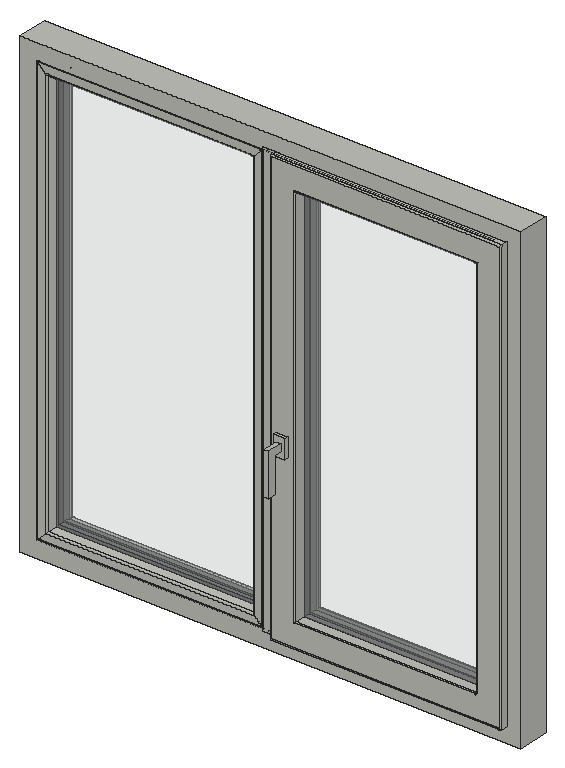
Revit family "2021_ES_Ventana_Replus_RE80-PVC-i30_11103_1H-1FL", category Ventanas, Revit 2021
Family settings
  Anfitrión = Muro
  Número OmniClass = 23.30.20.00
  Título OmniClass = Windows
  Siempre vertical = Sí
  Corte con vacíos al cargar = No
  Compartido = No
  Punto de cálculo de habitación = No
Parameters (values of type "11103")
  Ι_Wll Thcknss [instance] = 200.000 mm
  Ι_Wdth Cntrl = if(Anchura < 791.000 mm, 791.000 mm, if(Anchura > 2961.000 mm, 2961.000 mm, Anchura))  # 1300.000 mm
  Ι_Nst Cntrl [instance] = if(Retranqueo > Ι_Wll Thcknss - 80.000 mm, Ι_Wll Thcknss - 80.000 mm, if(Retranqueo = Ι_Wll Thcknss - 80.000 mm, Ι_Wll Thcknss - 80.000 mm, Retranqueo))  # 0.000 mm
  Ι_Hndl Hght Cntrl = if(Altura de Manilla < 200.000 mm, 200.000 mm, if(Altura de Manilla > Ι_Hght Cntrl - 150.000 mm, Ι_Hght Cntrl - 150.000 mm, Altura de Manilla))  # 500.000 mm
  Ι_Hght Cntrl = if(Altura < 429.000 mm, 429.000 mm, if(Altura > 2658.000 mm, 2658.000 mm, Altura))  # 1200.000 mm
  Zona = ""
  Visibilidad Líneas Apertura - Planta = yes
  Visibilidad Líneas Apertura - Alzado = yes
  Vida Util Esperada = ""
  Version Estandar GDO-BIM = "GDO-BIM V02"  # constant formula
  Version = "RVT2021"  # constant formula
  Verano de transmitancia termica = 0
  Unidad Medicion = ""
  Unidad = ""
  Uniclass2015 Titulo = ""
  Uniclass2015 Codigo = ""
  URL de Declaracion de Prestaciones = ""
  URL Producto = "https://replus.es/bim/"
  URL Perfil BIM = "https://bimetica.com/es/objeto-bim-replus-ventana-re80-pvc-i30-1-hoja-oscilobatiente-fijo-lateral-11105.html"
  URL = "https://replus.es/"
  UNSPSC Titulo = "Windows"  # constant formula
  UNSPSC Codigo = "30171600"  # constant formula
  Transmitancia termica invierno = 0
  Transmitancia solar = 0
  Transmitancia de ganancia de calor solar = 0
  Transmision de luz visible = 0
  Titular = "Regicarp, S.L."  # constant formula
  Tipo Embalaje Proteccion = ""
  Tiene antepecho interno = no
  Tiene antepecho externo = no
  Tiempo Util De Vida = ""
  Tiempo Medio Entre Fallos = ""
  Telefono Contacto = "+34 966544310"  # constant formula
  Soporte tecnico BIM = ""
  Sistema = ""
  Serie = ""
  Responsable Seguridad = ""
  Responsable Prescripcion = ""
  Responsable Compra = ""
  Residuos Peligrosos por Unidad = 0
  Residuos No Peligrosos por Unidad = 0
  Residuo Radioactivo por Unidad = 0
  Residuo Inerte por Unidad = 0
  Reflectancia solar = 0
  Reflectancia de luz visible = 0
  Referencia Unidad Funcional = ""
  Referencia Lote = ""
  Referencia Contacto Soporte Tecnico = ""
  Referencia Contacto Comercial Venta = ""
  Referencia = "RE 80/PVC/i30"
  Punto de Contacto = ""
  Proteccion con Malla = no
  Plataforma descaga contenido BIM = "www.bimetica.com"
  Periodo Garantia = ""
  Partida URL = ""
  Pais de Venta = ""
  Omniclass Titulo = "Plastic Windows"  # constant formula
  Omniclass Codigo = "23-17 13 17"  # constant formula
  Numero de Licencia = "XXXXXXXX8182 / No-aportada por bimboject AB (anterior)"  # constant formula
  Numero de Declaracion de Prestaciones = ""
  Numero Serie = ""
  Numero Articulo Global Comercial = ""
  Numero Articulo = ""
  Nivel de Riesgo = ""
  Material Envoltura = ""
  Material Contenedor = ""
  Material = PVC - Replus - 9152 - White
  Masterformat Titulo = "Plastic Windows"  # constant formula
  Masterformat Codigo = "08 53 00"  # constant formula
  Marcado CE = no
  Mantenimiento = ""
  Lugar Ensamblaje = ""
  Instrucciones Especiales = ""
  Informacion Tecnica = ""
  IfcExportType = "Oscilobatiente"
  IfcExportAs = "IfcWindow"  # constant formula
  Identificador Garantia = ""
  Historial = "(RVT2021) Actualización GDO-BIM (RVT2015) Creacion de Elemento"  # constant formula
  Gubimclass Titulo = "Ventanas de fachadas"  # constant formula
  Gubimclass Codigo = "30.10.20.10"  # constant formula
  Gas de Relleno = ""
  Garantia Extendida = no
  Fuente Datos LCA = ""
  Formacion Fotoquimica Ozono por Unidad = 0
  Fecha Vencimiento Elemento BIM = ""
  Fecha Suministro = ""
  Fecha Inicio Garantia = ""
  Fecha Fin Garantia = ""
  Fecha Evaluacion = ""
  Fecha Emision Elemento BIM = ""
  Fecha Compra = ""
  Fecha Colocacion = ""
  Fase Ciclo Vida = ""
  Falta de Recursos por Unidad = 0
  Exclusiones = ""
  Eutrofizacion por Unidad = 0
  Etiqueta Modelo = ""
  Estandar seguridad = ""
  Espesor de vidrio 3 = 0.000 mm
  Espesor de vidrio 2 = 0.000 mm
  Espesor de vidrio 1 = 0.000 mm
  Espacio libre acceso = 0.000 mm
  Espacio = ""
  Es templado = no
  Es recubierto = no
  Es laminado = no
  Es Exterior = yes
  Es Accesible = yes
  Energia consumida = 0
  Energia Renovable Consumida por Unidad = 0
  Energia Primaria Total Consumida por Unidad = 0
  Energia No Renovable Consumida por Unidad = 0
  Email Contacto = "info@replus.es"  # constant formula
  Destruccion Capa Ozono Estratosferica por Unidad = 0
  Descripcion Evaluacion = ""
  Dependiente De = ""
  Declaracion Ambiental de Producto URL = ""
  Creditos LEED = ""
  Creditos BREEAM = ""
  Coste Mantenimiento = 0
  Contenido Garantia = ""
  Contacto = ""
  Condiciones de Venta = ""
  Condiciones Evaluacion = ""
  Color de vidrio = ""
  Coeficiente de sombreado = 0
  Codigo Barras = ""
  Codigo = ""
  Clasificacion de carga de viento = ""
  Capas de vidrio = 0
  Cambio Climatico por Unidad = 0
  COBie Categoria = "IfcWindow"
  Base Precio Producto 03 = ""
  Base Precio Producto 02 = ""
  Base Precio Producto 01 = ""
  Autor = "Bimetica Parametric Design Services S.L. (actual) / bimobject AB (anterior)"  # constant formula
  Ano Produccion = ""
  Anchura aproximada = Ι_Wdth Cntrl + 2 * Hueco  # 1320.000 mm
  Altura minima requerida = 0.000 mm
  Altura aproximada = Ι_Hght Cntrl + 2 * Hueco  # 1220.000 mm
  Retranqueo [instance] = 0.000 mm
  Product Material = PVC - Replus - 9152 - White
  Modelo = "11103"
  Material secondary = "Glass"
  Material main = "PVC"
  Fabricante = "Replus"
  Nota clave = "08500"
  I_Lf_Cntrl = (Ι_Wdth Cntrl - 36.800 mm) / 2 - 33.000 mm  # 598.600 mm
  I_Glss_Wdth = (Ι_Wdth Cntrl - 36.800 mm) / 2 - 33.000 mm  # 598.600 mm
  I_Glss_Hght_Crs_2 = Ι_Hght Cntrl - 2.000 mm * 56.8  # 1086.400 mm
  I_Glss_Hght_Crs = Ι_Hght Cntrl - 2.000 mm * 100.8  # 998.400 mm
  Hueco = 10.000 mm
  Altura = 1200.000 mm
  Exceso Dimensiones = or(and(Altura < 429.000 mm, Advertencia Dimensión), and(Anchura < 791.000 mm, Advertencia Dimensión), and(Anchura > 2961.000 mm, Advertencia Dimensión), and(Altura > 2658.000 mm, Advertencia Dimensión))  # no
  Edition number = 1
  Descripción = "Perfiles de hoja oculta en PVC, mejorando sustancialmente el campo visual, con triple junta (mediante junta rigida en el marco) protegiendo de esta manera todos los puntos de cierre, aumentando la seguridad y proporcionando una junta perimetral completa, con perfilería de clasificación máxima S-II-A"
  Default Sill Height = 800.000 mm
  Cierre de muro = Por anfitrión
  Anchura = 1300.000 mm
  Código de montaje = "B2020100"
  Construcción analítica = "<None>"
  Altura de Manilla = 500.000 mm
  Agua Consumida por Unidad = 0
  Advertencia Dimensión = yes
  Acidificacion Atmosferica por Unidad = 0
  Acabado = ""
  Absorcion solar = 0
Reference planes
  plane 1 "Center (Front/Back)": y = 0
  plane 2 "Center (Left/Right)": x = 0
  plane 3 "Left": x = -660
  plane 4 "Right": x = 660
  plane 5 "Sill": z = 800
  plane 6 "Head": z = 2020
  plane 7 "Exterior": y = 100
  plane 8 "Interior": y = -100
  plane 9: x = -650
  plane 10: x = 650
  plane 11: z = 2010
  plane 12: z = 810
  plane 13 "Inset": y = -20
  plane 14: x = -613.2
  plane 15: x = 613.2
  plane 16: z = 1973.2
  plane 17: z = 1410
  plane 18: y = -51.5
  plane 19: z = 1950.389
  plane 20: z = 869.611
  plane 21: x = 63.191
  plane 22: x = -37.006
  plane 23: x = 44.5
  plane 24: x = -325
  plane 25: x = 325
  plane 26: x = -3
  plane 27 "1": x = 3
  plane 28: x = -43.006
  plane 29: x = 79.191
  plane 30: z = 1944.389
  plane 31: z = 875.611
  plane 32: z = 1310
  plane 33 "Leaf": x = 15.191
  plane 34 "a": x = -605.2
  plane 35 "b": x = -21.05
  plane 36 "c": z = 1965.2
  plane 37 "d": z = 854.6
  plane 38: x = -612.2
  plane 39: z = 1972.2
  plane 40 "glass": y = -38.5
  plane 41: y = -42.5
  plane 42: y = -56.5
  plane 43: y = -60.5
  plane 44: y = -74.5
  plane 45: y = -78.5
  plane 46: x = -53.014
  plane 47: z = 1929.73
  plane 48: z = 886.664
  plane 49: z = 890.07
  plane 50: z = 1925.2
  plane 51: z = 1907
  plane 52: z = 894.8
  plane 53: z = 912.8
  plane 54: y = 500
  plane 55: x = 58.191
  plane 56 "12": z = 1930.2
  plane 57 "23": z = 889.8
  plane 58: y = -38.5
  plane 59: y = -118.5
  plane 60: y = -78.5
  plane 61: y = -60.5
  plane 62: x = -578.189
  plane 63: x = -580.2
  plane 64: z = 1953.2
  plane 65 "coarse": y = -69.25
  plane 66: z = 881.861
  plane 67 "r4": z = 879.8
  plane 68: z = 1938.389
  plane 69 "r3": z = 1940.2
  plane 70: z = 1909.2
  plane 71: x = 565.2
  plane 72: x = 570.2
  plane 73: x = 549.2
  plane 74 "r1": x = 48.191
  plane 75 "r2": x = 580.2
  plane 76: y = -100
  plane 77: y = -46.5
  plane 78: y = -64.5
  plane 79: y = -68.5
  plane 80: y = -86.5
  plane 81: y = -90.5
  plane 82: z = 910.8
  plane 83: z = 866.8
  plane 84: x = -584.189
  plane 85: y = 10
Forms (mm)
  Sweep 1, solid, material "PVC - Replus - 9152 - White" <- "Product Material", detail levels fine
    path origin (0, -20, 0) x (-1, 0, 0) y (0, 0, 1)
      loop
        line (650, 2010) -> (-650, 2010) -> (-650, 810) -> (650, 810) -> (650, 2010)
    profile origin (-650, -20, 1410) x (1, 0, 0) y (0, 1, 0)
      loop
        line (0, -80) -> (43.8, -80)
        arc (43.8, -80) -> (44.507, -79.707) -> (44.8, -79) r 1
        line (44.8, -79) -> (44.8, -38) -> (63.811, -38) -> (63.811, -18.5) -> (75.767, -18.5)
        arc (75.767, -18.5) -> (76.56, -18.109) -> (76.733, -17.241) r 1
        line (76.733, -17.241) -> (72.709, -2.224)
        arc (72.709, -2.224) -> (71.637, -0.62) -> (69.811, 0) r 3
        line (69.811, 0) -> (0, 0) -> (0, -80)
  Extrusion 2, solid, material "Glass - Replus", detail levels fine
    sketch origin (0, 0, 0) x (1, 0, 0) y (0, 1, 0)
      loop
        line (63.191, -46.5) -> (565.2, -46.5) -> (565.2, -42.5) -> (63.191, -42.5) -> (63.191, -46.5)
      loop
        line (63.191, -64.5) -> (63.191, -68.5) -> (565.2, -68.5) -> (565.2, -64.5) -> (63.191, -64.5)
      loop
        line (63.191, -86.5) -> (63.191, -90.5) -> (565.2, -90.5) -> (565.2, -86.5) -> (63.191, -86.5)
    from 894.8 to 1925.2
  Sweep 3, solid, material "PVC - Replus - 9152 - White" <- "Product Material", detail levels fine
    path origin (0, -20, 0) x (-1, 0, 0) y (0, 0, 1)
      loop
        line (0, 1973.2) -> (0, 846.8)
    profile origin (0, -20, 1410) x (0, 1, 0) y (-1, 0, 0)
      loop
        line (-79, -23.141) -> (-67.975, -23.141) -> (-67.975, -20.141) -> (-38, -20.141) -> (-38, -42.152) -> (-36.218, -42.152) -> (-28.93, -29.53) -> (-14.937, -28.305) -> (-12.933, -42.561) -> (-18.5, -43.344) -> (-18.5, -55.411) -> (-2.224, -51.05)
        arc (-2.224, -51.05) -> (-0.62, -49.978) -> (0, -48.152) r 3
        line (0, -48.152) -> (0, 46.852)
        arc (0, 46.852) -> (-0.62, 48.679) -> (-2.224, 49.75) r 3
        line (-2.224, 49.75) -> (-18.5, 54.111) -> (-18.5, 42.044) -> (-12.933, 41.262) -> (-14.937, 27.006) -> (-28.93, 28.23) -> (-36.218, 40.852) -> (-38, 40.852) -> (-38, 18.842) -> (-67.975, 18.842) -> (-67.975, 20.995) -> (-75.579, 20.995) -> (-79, 20.995)
        arc (-79, 20.995) -> (-79.707, 20.702) -> (-80, 19.995) r 1
        line (-80, 19.995) -> (-80, -22.141)
        arc (-80, -22.141) -> (-79.707, -22.848) -> (-79, -23.141) r 1
  Sweep 4, solid, material "PVC - Replus - 9152 - White" <- "Product Material", detail levels fine
    path origin (0, -20, 0) x (-1, 0, 0) y (0, 0, 1)
      loop
        line (-613.2, 1973.2) -> (-613.2, 846.8) -> (-15.191, 846.8) -> (-15.191, 1973.2) -> (-613.2, 1973.2)
    profile origin (15.191, -20, 1410) x (0, 1, 0) y (-1, 0, 0)
      loop
        line (-32.5, -33) -> (-42, -33) -> (-42, -27.5) -> (-42, -20) -> (-80, -20) -> (-80, -7.5) -> (-80, 0) -> (-95.5, 0)
        arc (-95.5, 0) -> (-97.621, -0.879) -> (-98.5, -3) r 3
        line (-98.5, -3) -> (-98.5, -61)
        arc (-98.5, -61) -> (-97.621, -63.121) -> (-95.5, -64) r 3
        line (-95.5, -64) -> (-70.5, -64) -> (-70.5, -43) -> (-22.5, -43) -> (-22.5, -40.495) -> (-22.5, -33) -> (-32.5, -33)
  Sweep 5, solid, material "PVC - Replus - 9152 - White" <- "Product Material", detail levels medium
    path origin (0, -20, 0) x (-1, 0, 0) y (0, 0, 1)
      loop
        line (650, 2010) -> (-650, 2010) -> (-650, 810) -> (650, 810) -> (650, 2010)
    profile origin (-650, -20, 1410) x (1, 0, 0) y (0, 1, 0)
      loop
        line (0, -80) -> (56.8, -80) -> (56.8, -42) -> (69.8, -42) -> (69.8, -18.5) -> (76.662, -18.5) -> (76.662, 0) -> (0, 0) -> (0, -80)
  Sweep 6, solid, material "PVC - Replus - 9152 - White" <- "Product Material", detail levels medium
    path origin (0, -20, 0) x (-1, 0, 0) y (0, 0, 1)
      loop
        line (-15.191, 1973.2) -> (-613.2, 1973.2) -> (-613.2, 846.8) -> (-15.191, 846.8) -> (-15.191, 1973.2)
    profile origin (15.191, -20, 1410) x (1, 0, 0) y (0, 1, 0)
      loop
        line (20, -42) -> (20, -80) -> (0, -80) -> (0, -98.5) -> (64, -98.5) -> (64, -70.5) -> (43, -70.5) -> (43, -22.5) -> (33, -22.5) -> (33, -42) -> (20, -42)
  Sweep 7, solid, material "Rubber - Replus - Black", detail levels fine
    path origin (0, -20, 0) x (-1, 0, 0) y (0, 0, 1)
      loop
        line (578.189, 1938.389) -> (43.006, 1938.389) -> (43.006, 881.861) -> (578.189, 881.861) -> (578.189, 1938.389)
    profile "Profile 06 - Fijo Inferior - Metal Glass Seal Leaf Narrow FW - M : Profile 06 - Fijo Inferior - Metal Glass Seal Leaf Narrow" origin (-43.006, -20, 1410.125) x (-1, 0, 0) y (0, 1, 0)
      loop
        line (8, -36.5) -> (8, -22.5) -> (0, -22.5) -> (0, -36.5) -> (8, -36.5)
      loop
        line (8, -54.5) -> (8, -40.5) -> (0, -40.5) -> (0, -54.5) -> (8, -54.5)
  Sweep 8, solid, material "PVC - Replus - 9152 - White" <- "Product Material", detail levels coarse
    path origin (0, -20, 0) x (-1, 0, 0) y (0, 0, 1)
      loop
        line (650, 2010) -> (-650, 2010) -> (-650, 810) -> (650, 810) -> (650, 2010)
    profile origin (-650, -20, 1410) x (1, 0, 0) y (0, 1, 0)
      loop
        line (0, -80) -> (56.8, -80) -> (56.8, -18.5) -> (76.662, -18.5) -> (76.662, 0) -> (0, 0) -> (0, -80)
  Sweep 9, solid, material "PVC - Replus - 9152 - White" <- "Product Material", detail levels coarse
    path origin (0, -20, 0) x (-1, 0, 0) y (0, 0, 1)
      loop
        line (-15.191, 1973.2) -> (-613.2, 1973.2) -> (-613.2, 846.8) -> (-15.191, 846.8) -> (-15.191, 1973.2)
    profile origin (15.191, -20, 1410) x (1, 0, 0) y (0, 1, 0)
      loop
        line (20, -75.1) -> (20, -80) -> (7.5, -80) -> (0, -80) -> (0, -98.5) -> (64, -98.5) -> (64, -18.5) -> (43, -18.5) -> (40.495, -18.5) -> (20, -18.5) -> (20, -75.1)
  Extrusion 10, solid, material "Glass - Replus", detail levels medium
    sketch origin (0, 0, 0) x (1, 0, 0) y (0, 1, 0)
      loop
        line (570.2, -42.5) -> (58.191, -42.5) -> (58.191, -90.5) -> (570.2, -90.5) -> (570.2, -42.5)
    from 889.8 to 1930.2
  Sweep 11, solid, material "PVC - Replus - 9152 - White" <- "Product Material", detail levels coarse
    path origin (0, -20, 0) x (-1, 0, 0) y (0, 0, 1)
      loop
        line (0, 854.6) -> (0, 1965.2)
    profile origin (0, -20, 1409.9) x (1, 0, 0) y (0, 1, 0)
      loop
        line (-53.014, -80) -> (35.191, -80) -> (35.191, 0) -> (-53.014, 0) -> (-53.014, -80)
  Sweep 12, solid, material "PVC - Replus - 9152 - White" <- "Product Material", detail levels fine
    path origin (0, -20, 0) x (-1, 0, 0) y (0, 0, 1)
      loop
        line (612.2, 1972.2) -> (13.995, 1972.2) -> (13.995, 847.8) -> (612.2, 847.8) -> (612.2, 1972.2)
    profile origin (-612.2, -20, 1410) x (1, 0, 0) y (0, 1, 0)
      loop
        line (8.15, -79.982) -> (27.819, -79.284)
        arc (27.819, -79.284) -> (30.754, -78.201) -> (32.47, -75.585) r 4.995
        line (32.47, -75.585) -> (37.048, -58.5) -> (29.292, -58.5) -> (21.485, -66.307) -> (21.485, -69.507) -> (7, -69.507) -> (7, -76.2) -> (7, -78.872)
        arc (7, -78.872) -> (7.339, -79.671) -> (8.15, -79.982) r 1.111
  Sweep 13, solid, material "PVC - Replus - 9152 - White" <- "Product Material", detail levels medium
    path origin (120, -20, 0) x (-1, 0, 0) y (0, 0, 1)
      loop
        line (120, 854.6) -> (120, 1965.2)
    profile origin (0, -20, 1409.9) x (1, 0, 0) y (0, 1, 0)
      loop
        line (-37.006, -18.5) -> (-37.006, -64.786) -> (-35.486, -66.307) -> (-33, -66.307) -> (-33, -80) -> (35.191, -80) -> (35.191, -42) -> (48.191, -42) -> (48.191, -18.5) -> (54.365, -18.5) -> (54.365, 0) -> (-53.014, 0) -> (-53.014, -18.5) -> (-37.006, -18.5)
  Sweep 14, solid, material "PVC - Replus - 9152 - White" <- "Product Material", detail levels medium
    path origin (0, -20, 0) x (-1, 0, 0) y (0, 0, 1)
      loop
        line (612.2, 1972.2) -> (14, 1972.2) -> (14, 847.8) -> (612.2, 847.8) -> (612.2, 1972.2)
    profile origin (-612.2, -20, 1410) x (1, 0, 0) y (0, 1, 0)
      loop
        line (19, -80) -> (31.287, -80) -> (37.048, -58.5) -> (29.292, -58.5) -> (21.485, -66.307) -> (19, -66.307) -> (19, -80)
  Extrusion 15, solid, material "Glass - Replus", detail levels fine
    sketch origin (0, 0, 0) x (1, 0, 0) y (0, 1, 0)
      loop
        line (-584.189, -38.5) -> (-584.189, -42.5) -> (-37.006, -42.5) -> (-37.006, -38.5) -> (-584.189, -38.5)
      loop
        line (-584.189, -56.5) -> (-584.189, -60.5) -> (-37.006, -60.5) -> (-37.006, -56.5) -> (-584.189, -56.5)
      loop
        line (-584.189, -74.5) -> (-584.189, -78.5) -> (-37.006, -78.5) -> (-37.006, -74.5) -> (-584.189, -74.5)
    from 875.611 to 1944.389
  Extrusion 16, solid, material "Glass - Replus", detail levels medium
    sketch origin (0, 0, 0) x (1, 0, 0) y (0, 1, 0)
      loop
        line (-580.2, -38.5) -> (-580.2, -78.5) -> (-37.006, -78.5) -> (-37.006, -38.5) -> (-580.2, -38.5)
    from 879.8 to 1940.2
  Extrusion 17, solid, material "Glass - Replus", detail levels coarse
    sketch origin (-15.198, 0, 0) x (1, 0, 0) y (0, 1, 0)
      loop
        line (94.389, -38.5) -> (94.389, -118.5) -> (564.398, -118.5) -> (564.398, -38.5) -> (94.389, -38.5)
    from 910.8 to 1909.2
  Extrusion 18, solid, material "Glass - Replus", detail levels coarse
    sketch origin (0, 0, 0) x (1, 0, 0) y (0, 1, 0)
      loop
        line (-593.2, -38.5) -> (-593.2, -100) -> (-53.014, -100) -> (-53.014, -38.5) -> (-593.2, -38.5)
    from 866.8 to 1953.2
  Sweep 19, solid, material "Rubber - Replus - Black", detail levels medium+fine
    path origin (0, -20, 0) x (-1, 0, 0) y (0, 0, 1)
      loop
        line (-48.191, 1940.2) -> (-580.2, 1940.2) -> (-580.2, 879.8) -> (-48.191, 879.8) -> (-48.191, 1940.2)
    profile origin (48.191, -20, 1410) x (1, 0, 0) y (0, 1, 0)
      loop
        line (0, -22.5) -> (31, -22.5) -> (31, -18.5) -> (0, -18.5) -> (0, -22.5)
  Sweep 20, solid, material "Rubber - Replus - Black", detail levels fine
    path origin (0, -20, 0) x (-1, 0, 0) y (0, 0, 1)
      loop
        line (-48.191, 1940.2) -> (-580.2, 1940.2) -> (-580.2, 879.8) -> (-48.191, 879.8) -> (-48.191, 1940.2)
    profile origin (48.191, -20, 1410) x (1, 0, 0) y (0, 1, 0)
      loop
        line (21, -26.5) -> (21, -44.5) -> (27, -44.5) -> (27, -26.5) -> (21, -26.5)
      loop
        line (21, -66.5) -> (27, -66.5) -> (27, -48.5) -> (21, -48.5) -> (21, -66.5)
Cuts and joins
  joined: Sweep 8, Sweep 11
  joined: Sweep 5, Sweep 13
Lines and regions (mm)
  Opening 1
    outline origin (3500, -100, 0) x (1, 0, 0) y (0, 0, 1)
      loop
        line (-2840, 800) -> (-2840, 2020) -> (-4160, 2020) -> (-4160, 800) -> (-2840, 800)
  symbolic lines, style "Symbolic Lines Replus", visible <- "Visibilidad Líneas Apertura - Alzado"
    curve 1: line (325, -20, 1909.198) -> (79.191, -20, 910.8)
    curve 2: line (325, -20, 1909.198) -> (549.2, -20, 910.8)
    curve 3: line (77.191, -20, 1310) -> (549.2, -20, 1909.2)
    curve 4: line (77.191, -20, 1310) -> (549.2, -20, 910.8)
  symbolic lines, detail levels coarse
    curve 5: line (549.2, -78.5, 0) -> (79.191, -78.5, 0)
    curve 6: line (-593.2, -69.25, 0) -> (-53.014, -69.25, 0)
  symbolic lines, visible <- "Visibilidad Líneas Apertura - Planta"
    curve 7: line (613.2, -118.5, 0) -> (613.2, -716.509, 0)
    curve 12: arc (15.191, -118.5, 0) -> (190.998, -542.009, 0) -> (615.049, -716.506, 0) r 598.009
  model lines, style "Symbolic Lines Replus", visible <- "Visibilidad Líneas Apertura - Alzado"
    curve 8: line (549.2, -38.5, 1909.2) -> (77.191, -38.5, 1310)
    curve 9: line (77.191, -38.5, 1310) -> (549.2, -38.5, 910.8)
    curve 10: line (325, -38.5, 1909.2) -> (79.191, -38.5, 910.8)
    curve 11: line (325, -38.5, 1909.2) -> (549.2, -38.5, 910.8)
Text (mm)
  text "EXTERIOR" at (-1963.203, 1332.353, 0), in view "Ref. Level"
  text "INTERIOR" at (-1981.466, -818.386, 0), in view "Ref. Level"
  text "Exterior" at (0, 923.751, 2943.296), in view "Right"
  text "Exterior" at (0, 1040.484, 2685.409), in view "Left"
Dimensions and locks
  equal spacing: plane 3 "Left", plane 2 "Center (Left/Right)", plane 4 "Right"
  "Ι_Wdth Cntrl": plane 9 to plane 10
  "Ι_Hght Cntrl": plane 12 to plane 11
  "Default Sill Height": plane 5 "Sill" to level
  locked: plane 7 "Exterior" to host wall
  locked: plane 8 "Interior" to host wall
  "Hueco": plane 3 "Left" to plane 9
  "Hueco": plane 10 to plane 4 "Right"
  "Hueco": plane 12 to plane 5 "Sill"
  locked: plane 9 to plane 14 at 36.8
  locked: plane 15 to plane 10 at 36.8
  plane 13 "Inset" to plane 18 = 31.500 mm
  locked: plane 2 "Center (Left/Right)" to plane 23 at 44.5
  equal spacing: plane 11, plane 17, plane 12
  equal spacing: plane 9, plane 24, plane 2 "Center (Left/Right)"
  equal spacing: plane 10, plane 25, plane 2 "Center (Left/Right)"
  locked: plane 26 to plane 2 "Center (Left/Right)" at 3
  locked: plane 2 "Center (Left/Right)" to plane 27 "1" at 3
  "Ι_Wll Thcknss": host wall to host wall
  locked: plane 14 to plane 34 "a" at 8
  locked: plane 14 to plane 38 at 1
  locked: plane 28 to plane 22 at 6
  plane 45 to plane 44 to plane 43 to plane 42 to plane 41 to plane 40 "glass" = 4.000 mm locked, 14.000 mm locked, 4.000 mm locked, 14.000 mm locked, 4.000 mm locked
  locked: plane 40 "glass" to plane 13 "Inset" at 18.5
  locked: plane 21 to plane 29 at 16
  locked: plane 54 to plane 7 "Exterior" at 400
  "Ι_Hndl Hght Cntrl": plane 32 to plane 12
  plane 13 "Inset" to plane 58 to plane 59 = 18.500 mm locked, 80.000 mm locked
  locked: plane 60 to plane 58 at 40
  locked: plane 65 "coarse" to plane 58 at 30.75
  plane 11 to plane 16 to plane 39 to plane 36 "c" to plane 64 to plane 19 to plane 30 = 36.800 mm locked, 1.000 mm locked, 7.000 mm locked, 12.000 mm locked, 2.811 mm locked, 6.000 mm locked
  plane 30 to plane 56 "12" to plane 47 to plane 50 to plane 51 = 14.189 mm locked, 0.470 mm locked, 4.530 mm locked, 18.200 mm locked
  plane 53 to plane 52 to plane 49 to plane 57 "23" to plane 48 to plane 66 to plane 67 "r4" to plane 31 to plane 20 to plane 37 "d" to plane 12 = 18.000 mm locked, 4.730 mm locked, 0.270 mm locked, 3.136 mm locked, 4.803 mm locked, 2.061 mm locked, 4.189 mm locked, 6.000 mm locked, 15.011 mm locked, 44.600 mm locked
  locked: plane 30 to plane 68 at 6
  locked: plane 30 to plane 69 "r3" at 4.189
  locked: plane 70 to plane 51 at 2.2
  plane 73 to plane 71 to plane 72 to plane 15 = 16.000 mm locked, 5.000 mm locked, 43.000 mm locked
  locked: plane 23 to plane 74 "r1" at 3.691
  locked: plane 72 to plane 75 "r2" at 10
  plane 34 "a" to plane 63 to plane 62 = 25.000 mm locked, 2.011 mm locked
  locked: plane 13 "Inset" to plane 76 at 80
  "Ι_Nst Cntrl": plane 8 "Interior" to plane 76
  plane 81 to plane 80 to plane 79 to plane 78 to plane 77 to plane 41 = 4.000 mm locked, 18.000 mm locked, 4.000 mm locked, 18.000 mm locked, 4.000 mm locked
  locked: plane 55 to plane 21 at 5
  plane 53 to plane 82 = 2.000 mm
  locked: plane 20 to plane 83 at 2.811
  locked: plane 84 to plane 63 at 3.989
  locked: plane 35 "b" to Sweep 12 sketch curve at 7.055
  locked: plane 85 to plane 13 "Inset" at 30
  "Hueco": plane 6 "Head" to plane 11
  aligned and locked: Sweep 1 sketch curve to plane 11
  aligned and locked: Sweep 1 sketch curve to plane 10
  aligned and locked: plane 9 to Sweep 1 sketch curve
  aligned and locked: plane 12 to Sweep 1 sketch curve
  aligned and locked: plane 2 "Center (Left/Right)" to Sweep 3 sketch curve  (x2)
  aligned and locked: Sweep 4 sketch curve to plane 16
  aligned and locked: plane 15 to Sweep 4 sketch curve
  aligned and locked: Sweep 5 sketch curve to plane 10
  aligned and locked: plane 9 to Sweep 5 sketch curve
  aligned and locked: plane 12 to Sweep 5 sketch curve
  aligned and locked: Sweep 5 sketch curve to plane 11
  aligned and locked: Sweep 6 sketch curve to plane 16
  aligned and locked: plane 15 to Sweep 6 sketch curve
  aligned and locked: plane 9 to Sweep 8 sketch curve
  aligned and locked: Sweep 8 sketch curve to plane 11
  aligned and locked: Sweep 8 sketch curve to plane 10
  aligned and locked: plane 12 to Sweep 8 sketch curve
  aligned and locked: Sweep 9 sketch curve to plane 16
  aligned and locked: plane 15 to Sweep 9 sketch curve
  aligned and locked: plane 2 "Center (Left/Right)" to Sweep 11 sketch curve  (x2)
  aligned and locked: plane 16 to Sweep 3 sketch curve
  aligned and locked: plane 28 to Sweep 7 sketch curve
  aligned and locked: plane 33 "Leaf" to Sweep 6 sketch curve
  aligned and locked: plane 33 "Leaf" to Sweep 9 sketch curve
  aligned and locked: Sweep 4 sketch curve to plane 33 "Leaf"
  aligned and locked: plane 38 to Sweep 12 sketch curve
  aligned and locked: Sweep 12 sketch curve to plane 39
  aligned and locked: plane 2 "Center (Left/Right)" to Sweep 13 sketch curve  (x2)
  aligned and locked: Extrusion 2 to plane 52
  aligned and locked: Extrusion 2 to plane 50
  aligned and locked: plane 44 to Extrusion 15 sketch curve
  aligned and locked: Extrusion 15 sketch curve to plane 45
  aligned and locked: Extrusion 15 sketch curve to plane 43
  aligned and locked: plane 42 to Extrusion 15 sketch curve
  aligned and locked: plane 40 "glass" to Extrusion 15 sketch curve
  aligned and locked: Extrusion 15 sketch curve to plane 41
  aligned and locked: plane 22 to Extrusion 15 sketch curve  (x3)
  aligned and locked: plane 40 "glass" to Extrusion 16 sketch curve
  aligned and locked: plane 22 to Extrusion 16 sketch curve
  aligned and locked: Sweep 14 sketch curve to plane 39
  aligned and locked: plane 38 to Sweep 14 sketch curve
  aligned and locked: plane 36 "c" to Sweep 13 sketch curve
  aligned and locked: plane 37 "d" to Sweep 13 sketch curve
  aligned and locked: plane 36 "c" to Sweep 11 sketch curve
  aligned and locked: plane 37 "d" to Sweep 11 sketch curve
  aligned and locked: nested 2 to plane 54
  aligned and locked: nested 2 to plane 2 "Center (Left/Right)"
  aligned and locked: plane 32 to curve 4
  aligned and locked: Extrusion 10 sketch curve to plane 55
  aligned and locked: Extrusion 10 to plane 56 "12"
  aligned and locked: Extrusion 10 to plane 57 "23"
  aligned and locked: Extrusion 17 sketch curve to plane 59
  aligned and locked: plane 58 to Extrusion 17 sketch curve
  aligned and locked: plane 25 to curve 2
  aligned and locked: curve 5 to plane 60
  aligned and locked: plane 60 to curve 5
  aligned and locked: plane 62 to Sweep 7 sketch curve
  aligned and locked: plane 63 to Extrusion 16 sketch curve
  aligned and locked: plane 46 to Extrusion 18 sketch curve
  aligned and locked: plane 58 to Extrusion 18 sketch curve
  aligned and locked: plane 64 to Extrusion 18
  aligned and locked: plane 65 "coarse" to curve 6  (x2)
  aligned and locked: plane 46 to curve 6
  aligned and locked: plane 30 to Extrusion 15
  aligned and locked: Extrusion 16 to plane 67 "r4"
  aligned and locked: Extrusion 15 to plane 31
  aligned and locked: plane 66 to Sweep 7 sketch curve
  aligned and locked: Sweep 7 sketch curve to plane 68
  aligned and locked: plane 69 "r3" to Extrusion 16
  aligned and locked: plane 15 to curve 7
  aligned and locked: plane 70 to curve 8
  aligned and locked: plane 70 to curve 10
  aligned and locked: plane 25 to curve 10
  aligned and locked: plane 24 to nested 3
  aligned and locked: plane 64 to nested 3
  aligned and locked: plane 65 "coarse" to nested 3
  aligned and locked: plane 59 to curve 12
  aligned and locked: plane 33 "Leaf" to curve 12
  aligned and locked: plane 59 to curve 7
  aligned and locked: plane 25 to nested 4
  aligned and locked: plane 60 to nested 4
  aligned and locked: plane 70 to nested 4
  aligned and locked: Extrusion 17 to plane 70
  aligned and locked: plane 32 to curve 8
  aligned and locked: Extrusion 10 sketch curve to plane 41
  aligned and locked: Extrusion 2 sketch curve to plane 21
  aligned and locked: plane 21 to Extrusion 2 sketch curve  (x2)
  aligned and locked: Extrusion 2 sketch curve to plane 71
  aligned and locked: plane 71 to Extrusion 2 sketch curve  (x2)
  aligned and locked: plane 73 to Extrusion 17 sketch curve
  aligned and locked: Extrusion 10 sketch curve to plane 72
  aligned and locked: Sweep 19 sketch curve to plane 69 "r3"
  aligned and locked: plane 67 "r4" to Sweep 19 sketch curve
  aligned and locked: plane 74 "r1" to Sweep 19 sketch curve
  aligned and locked: plane 75 "r2" to Sweep 19 sketch curve
  aligned and locked: plane 74 "r1" to Sweep 20 sketch curve
  aligned and locked: plane 75 "r2" to Sweep 20 sketch curve
  aligned and locked: Sweep 20 sketch curve to plane 69 "r3"
  aligned and locked: plane 67 "r4" to Sweep 20 sketch curve
  aligned and locked: plane 29 to Extrusion 17 sketch curve
  aligned and locked: nested 1 to plane 32
  aligned and locked: plane 23 to nested 1
  aligned and locked: plane 77 to Extrusion 2 sketch curve
  aligned and locked: Extrusion 2 sketch curve to plane 41
  aligned and locked: plane 78 to Extrusion 2 sketch curve
  aligned and locked: Extrusion 2 sketch curve to plane 79
  aligned and locked: plane 80 to Extrusion 2 sketch curve
  aligned and locked: Extrusion 2 sketch curve to plane 81
  aligned and locked: plane 81 to Extrusion 10 sketch curve
  aligned and locked: Extrusion 16 sketch curve to plane 60
  aligned and locked: plane 29 to curve 5
  aligned and locked: plane 73 to curve 5
  aligned and locked: Extrusion 18 sketch curve to plane 76
  aligned and locked: Extrusion 17 to plane 82
  aligned and locked: Extrusion 18 to plane 83
  aligned and locked: plane 84 to Extrusion 15 sketch curve  (x3)
  aligned and locked: plane 73 to curve 3
  aligned and locked: plane 70 to curve 3
  aligned and locked: plane 73 to curve 4
  aligned and locked: plane 82 to curve 4
  aligned and locked: plane 70 to Extrusion 17
  aligned and locked: plane 73 to Extrusion 17
  aligned and locked: plane 82 to curve 11
  aligned and locked: plane 82 to Extrusion 17  (x2)
  aligned and locked: plane 29 to Extrusion 17
  aligned and locked: plane 29 to curve 10
  aligned and locked: plane 82 to curve 10
Automatic sketch dimensions
  plane 3 "Left" to Opening 1 sketch curve = 0.000 mm
  plane 4 "Right" to Opening 1 sketch curve = 0.000 mm
  Opening 1 sketch curve to plane 5 "Sill" = 0.000 mm
  Opening 1 sketch curve to plane 6 "Head" = 0.000 mm
  Sweep 5 sketch curve to profile plane = 0.000 mm
  Sweep 5 sketch curve to plane 13 "Inset" = 0.000 mm
  Sweep 5 sketch curve to profile plane = 56.800 mm
  Sweep 5 sketch curve to Sweep 5 sketch curve = 13.000 mm
  Sweep 5 sketch curve to Sweep 5 sketch curve = 6.862 mm
  Sweep 5 sketch curve to plane 13 "Inset" = 18.500 mm
  Sweep 5 sketch curve to Sweep 5 sketch curve = 23.500 mm
  Sweep 5 sketch curve to Sweep 5 sketch curve = 38.000 mm
  Sweep 1 sketch curve to profile plane = 0.000 mm
  Sweep 1 sketch curve to plane 13 "Inset" = 0.000 mm
  Sweep 1 sketch curve to profile plane = 43.800 mm
  Sweep 1 sketch curve to Sweep 1 sketch curve = 1.000 mm
  Sweep 1 sketch curve to Sweep 1 sketch curve = 19.011 mm
  Sweep 1 sketch curve to Sweep 1 sketch curve = 6.000 mm
  Sweep 1 sketch curve to plane 13 "Inset" = 2.224 mm
  Sweep 1 sketch curve to Sweep 1 sketch curve = 2.898 mm
  Sweep 1 sketch curve to Sweep 1 sketch curve = 11.956 mm
  Sweep 1 sketch curve to plane 13 "Inset" = 17.241 mm
  Sweep 1 sketch curve to Sweep 1 sketch curve = 0.966 mm
  Sweep 1 sketch curve to Sweep 1 sketch curve = 0.259 mm
  Sweep 1 sketch curve to Sweep 1 sketch curve = 19.500 mm
  Sweep 1 sketch curve to Sweep 1 sketch curve = 41.000 mm
  Sweep 8 sketch curve to profile plane = 0.000 mm
  Sweep 8 sketch curve to plane 13 "Inset" = 0.000 mm
  Sweep 8 sketch curve to profile plane = 56.800 mm
  Sweep 8 sketch curve to Sweep 8 sketch curve = 19.862 mm
  Sweep 8 sketch curve to plane 13 "Inset" = 18.500 mm
  Sweep 8 sketch curve to plane 13 "Inset" = 80.000 mm
  Sweep 13 sketch curve to plane 13 "Inset" = 0.000 mm
  profile plane to Sweep 13 sketch curve = 53.014 mm
  Sweep 13 sketch curve to Sweep 13 sketch curve = 16.008 mm
  Sweep 13 sketch curve to Sweep 13 sketch curve = 1.521 mm  (x2)
  Sweep 13 sketch curve to Sweep 13 sketch curve = 2.486 mm
  Sweep 13 sketch curve to profile plane = 35.191 mm
  Sweep 13 sketch curve to Sweep 13 sketch curve = 13.000 mm
  Sweep 13 sketch curve to Sweep 13 sketch curve = 6.174 mm
  Sweep 13 sketch curve to plane 13 "Inset" = 18.500 mm  (x2)
  Sweep 13 sketch curve to Sweep 13 sketch curve = 23.500 mm
  Sweep 13 sketch curve to Sweep 13 sketch curve = 46.286 mm
  Sweep 13 sketch curve to Sweep 13 sketch curve = 13.693 mm
  Sweep 11 sketch curve to plane 13 "Inset" = 0.000 mm
  profile plane to Sweep 11 sketch curve = 53.014 mm
  Sweep 11 sketch curve to profile plane = 35.191 mm
  Sweep 11 sketch curve to plane 13 "Inset" = 80.000 mm
  Sweep 14 sketch curve to profile plane = 19.000 mm
  Sweep 14 sketch curve to Sweep 14 sketch curve = 2.486 mm
  Sweep 14 sketch curve to Sweep 14 sketch curve = 7.807 mm  (x2)
  Sweep 14 sketch curve to Sweep 14 sketch curve = 12.287 mm
  Sweep 14 sketch curve to Sweep 14 sketch curve = 7.755 mm
  Sweep 14 sketch curve to plane 13 "Inset" = 80.000 mm
  Sweep 14 sketch curve to Sweep 14 sketch curve = 13.693 mm
  Sweep 12 sketch curve to profile plane = 7.000 mm
  Sweep 12 sketch curve to Sweep 12 sketch curve = 1.111 mm
  Sweep 12 sketch curve to Sweep 12 sketch curve = 0.039 mm
  Sweep 12 sketch curve to Sweep 12 sketch curve = 14.485 mm
  Sweep 12 sketch curve to Sweep 12 sketch curve = 6.159 mm
  Sweep 12 sketch curve to Sweep 12 sketch curve = 0.174 mm
  Sweep 12 sketch curve to Sweep 12 sketch curve = 7.807 mm  (x2)
  Sweep 12 sketch curve to Sweep 12 sketch curve = 4.825 mm
  Sweep 12 sketch curve to Sweep 12 sketch curve = 7.755 mm
  Sweep 12 sketch curve to plane 13 "Inset" = 79.982 mm
  Sweep 12 sketch curve to Sweep 12 sketch curve = 0.698 mm
  Sweep 12 sketch curve to Sweep 12 sketch curve = 2.671 mm
  Sweep 12 sketch curve to Sweep 12 sketch curve = 3.699 mm
  Sweep 12 sketch curve to Sweep 12 sketch curve = 4.785 mm
  Sweep 12 sketch curve to Sweep 12 sketch curve = 3.200 mm
  curve 12 to plane 15 = 0.000 mm
  curve 12 to plane 15 = 1.849 mm
  Sweep 4 sketch curve to profile plane = 0.000 mm
  Sweep 4 sketch curve to plane 13 "Inset" = 98.500 mm
  Sweep 4 sketch curve to Sweep 4 sketch curve = 3.000 mm  (x2)
  profile plane to Sweep 4 sketch curve = 7.500 mm
  Sweep 4 sketch curve to Sweep 4 sketch curve = 15.500 mm
  Sweep 4 sketch curve to Sweep 4 sketch curve = 25.000 mm
  Sweep 4 sketch curve to Sweep 4 sketch curve = 28.500 mm
  Sweep 4 sketch curve to Sweep 4 sketch curve = 9.500 mm
  Sweep 4 sketch curve to Sweep 4 sketch curve = 10.000 mm
  Sweep 4 sketch curve to Sweep 4 sketch curve = 12.500 mm
  Sweep 4 sketch curve to Sweep 4 sketch curve = 7.500 mm
  Sweep 4 sketch curve to Sweep 4 sketch curve = 5.500 mm
  Sweep 4 sketch curve to Sweep 4 sketch curve = 7.495 mm
  Sweep 4 sketch curve to Sweep 4 sketch curve = 2.505 mm
  Sweep 4 sketch curve to Sweep 4 sketch curve = 18.000 mm
  Sweep 9 sketch curve to profile plane = 0.000 mm
  Sweep 9 sketch curve to Sweep 9 sketch curve = 7.500 mm
  Sweep 9 sketch curve to Sweep 9 sketch curve = 12.500 mm
  Sweep 9 sketch curve to Sweep 9 sketch curve = 20.495 mm
  Sweep 9 sketch curve to Sweep 9 sketch curve = 2.505 mm
  Sweep 9 sketch curve to Sweep 9 sketch curve = 21.000 mm
  Sweep 9 sketch curve to plane 13 "Inset" = 98.500 mm
  Sweep 9 sketch curve to Sweep 9 sketch curve = 18.500 mm
  Sweep 9 sketch curve to Sweep 9 sketch curve = 4.900 mm
  Sweep 9 sketch curve to plane 13 "Inset" = 18.500 mm
  Sweep 6 sketch curve to profile plane = 0.000 mm
  Sweep 6 sketch curve to Sweep 6 sketch curve = 20.000 mm
  Sweep 6 sketch curve to Sweep 6 sketch curve = 13.000 mm
  Sweep 6 sketch curve to Sweep 6 sketch curve = 23.000 mm
  Sweep 6 sketch curve to Sweep 6 sketch curve = 21.000 mm
  Sweep 6 sketch curve to plane 13 "Inset" = 98.500 mm
  Sweep 6 sketch curve to Sweep 6 sketch curve = 18.500 mm
  Sweep 6 sketch curve to Sweep 6 sketch curve = 9.500 mm
  Sweep 6 sketch curve to Sweep 6 sketch curve = 28.500 mm
  Sweep 6 sketch curve to Sweep 6 sketch curve = 19.500 mm
  Sweep 3 sketch curve to plane 37 "d" = 7.800 mm
  Sweep 4 sketch curve to plane 37 "d" = 7.800 mm
  Sweep 6 sketch curve to plane 37 "d" = 7.800 mm
  Sweep 9 sketch curve to plane 37 "d" = 7.800 mm
  Sweep 12 sketch curve to plane 37 "d" = 6.800 mm
  Sweep 14 sketch curve to plane 37 "d" = 6.800 mm
  plane 35 "b" to Sweep 14 sketch curve = 7.050 mm
  plane 34 "a" to curve 6 = 12.000 mm
  plane 34 "a" to Extrusion 18 sketch curve = 12.000 mm
  Sweep 19 sketch curve to profile plane = 0.000 mm
  Sweep 19 sketch curve to profile plane = 31.000 mm
  Sweep 19 sketch curve to plane 13 "Inset" = 22.500 mm
  Sweep 19 sketch curve to Sweep 19 sketch curve = 4.000 mm
  Sweep 20 sketch curve to profile plane = 21.000 mm
  Sweep 20 sketch curve to Sweep 20 sketch curve = 6.000 mm
  Sweep 20 sketch curve to Sweep 20 sketch curve = 0.000 mm  (x2)
  Sweep 20 sketch curve to plane 13 "Inset" = 66.500 mm
  Sweep 20 sketch curve to Sweep 20 sketch curve = 18.000 mm  (x2)
  Sweep 20 sketch curve to Sweep 20 sketch curve = 4.000 mm
  Sweep 3 sketch curve to plane 13 "Inset" = 80.000 mm
  Sweep 3 sketch curve to Sweep 3 sketch curve = 1.000 mm  (x2)
  Sweep 3 sketch curve to Sweep 3 sketch curve = 3.421 mm
  Sweep 3 sketch curve to Sweep 3 sketch curve = 7.604 mm
  Sweep 3 sketch curve to Sweep 3 sketch curve = 11.025 mm
  Sweep 3 sketch curve to profile plane = 18.842 mm
  Sweep 3 sketch curve to Sweep 3 sketch curve = 29.975 mm  (x2)
  Sweep 3 sketch curve to Sweep 3 sketch curve = 1.782 mm  (x2)
  Sweep 3 sketch curve to profile plane = 40.852 mm
  Sweep 3 sketch curve to Sweep 3 sketch curve = 9.070 mm  (x2)
  Sweep 3 sketch curve to profile plane = 28.230 mm
  Sweep 3 sketch curve to plane 13 "Inset" = 18.500 mm  (x2)
  Sweep 3 sketch curve to profile plane = 27.006 mm
  Sweep 3 sketch curve to Sweep 3 sketch curve = 13.993 mm  (x2)
  Sweep 3 sketch curve to Sweep 3 sketch curve = 5.567 mm  (x2)
  Sweep 3 sketch curve to plane 13 "Inset" = 3.000 mm  (x2)
  Sweep 3 sketch curve to Sweep 3 sketch curve = 0.776 mm  (x2)
  plane 13 "Inset" to Sweep 3 sketch curve = 0.000 mm
  Sweep 3 sketch curve to Sweep 3 sketch curve = 38.982 mm
  Sweep 3 sketch curve to Sweep 3 sketch curve = 2.000 mm
  Sweep 3 sketch curve to Sweep 3 sketch curve = 8.164 mm
  Sweep 3 sketch curve to Sweep 3 sketch curve = 9.389 mm
  Sweep 3 sketch curve to Sweep 3 sketch curve = 12.622 mm
  Sweep 3 sketch curve to Sweep 3 sketch curve = 14.256 mm
  Sweep 3 sketch curve to Sweep 3 sketch curve = 5.591 mm  (x2)
  Sweep 3 sketch curve to Sweep 3 sketch curve = 12.067 mm  (x2)
  Sweep 3 sketch curve to Sweep 3 sketch curve = 1.153 mm
  Sweep 3 sketch curve to profile plane = 41.262 mm
  curve 1 to plane 29 = 0.000 mm
  curve 1 to plane 82 = 0.000 mm
  curve 4 to plane 29 = 2.000 mm
  plane 70 to curve 2 = 0.002 mm
  plane 73 to curve 9 = 0.000 mm
  plane 73 to curve 8 = 0.000 mm
  curve 9 to plane 29 = 2.000 mm
Nested families
  nested 1: "Handle" at (44.5, -118.5, 1310) x (1, 0, 0) z (0, -1, 0), type "Handle", detail levels medium+fine
  nested 2: "Dimensions Overconstraint Warning" at (0, 500, 0), visible <- "Exceso Dimensiones", type "Dimensions Overconstraint Warning"
  nested 3: "Glass_Symb_Section_Coarse II" at (-325, -69.25, 866.8), type "Glass_Symb_Section_Coarse II", detail levels coarse
    with Width 598.600 mm, Height 1086.400 mm
  nested 4: "Glass_Symb_Section_Coarse" at (325, -78.5, 910.8), type "Glass_Symb_Section_Coarse", detail levels coarse
    with Width 598.600 mm, Height 998.400 mm
Definition of nested family "Handle"
  Parameters (values of type "Handle")
    Material = none
    Default Elevation = 1219.200 mm
  Reference planes
    plane 1 "Centre (avant/arrière)": y = 0
    plane 2: z = 0
    plane 3 "Centre (gauche/droite)": x = 0
    plane 4: z = 40
    plane 5: y = -100
    plane 6 "Plaque": z = 10
    plane 7: x = -6
  Forms (mm)
    Extrusion 1, solid
      sketch origin (0, 0, 0) x (1, 0, 0) y (0, 1, 0)
        loop
          line (-1219.2, 1219.2) -> (-1219.2, -1219.2) -> (1219.2, -1219.2) -> (1219.2, 1219.2) -> (-1219.2, 1219.2)
      from 0 to -304.8
    Extrusion 2, solid, material <- "Material"
      sketch origin (0, 0, 0) x (1, 0, 0) y (0, 1, 0)
        loop
          line (-14.231, 24.783) -> (-14.231, -24.783) -> (14.231, -24.783) -> (14.231, 24.783) -> (-14.231, 24.783)
      from 0 to 10
    Sweep 3, solid, material <- "Material"
      path origin (0, 0, 0) x (0, 1, 0) y (0, 0, 1)
        loop
          line (0, 10) -> (0, 40) -> (-100, 40)
      profile origin (0, 0, 25) x (0, -1, 0) y (1, 0, 0)
        loop
          line (10, -6) -> (10, 6) -> (-10, 6) -> (-10, -6) -> (10, -6)
  Dimensions and locks
    plane 4 to plane 2 = 40.000 mm
    plane 5 to plane 1 "Centre (avant/arrière)" = 100.000 mm
    equal spacing: Extrusion 2 sketch curve, plane 3 "Centre (gauche/droite)", Extrusion 2 sketch curve
    equal spacing: Extrusion 2 sketch curve, plane 1 "Centre (avant/arrière)", Extrusion 2 sketch curve
    Extrusion 2 sketch curve to Extrusion 2 sketch curve = 28.462 mm
    Extrusion 2 sketch curve to Extrusion 2 sketch curve = 49.566 mm
    locked: plane 7 to plane 3 "Centre (gauche/droite)" at 6
    aligned and locked: plane 2 to Extrusion 1
    aligned and locked: level to Extrusion 1
    aligned and locked: plane 6 "Plaque" to Extrusion 2
    aligned and locked: plane 6 "Plaque" to Sweep 3 sketch curve
    aligned and locked: plane 5 to Sweep 3 sketch curve
    aligned and locked: Sweep 3 sketch curve to plane 4
    aligned and locked: Sweep 3 sketch curve to plane 1 "Centre (avant/arrière)"
Definition of nested family "Dimensions Overconstraint Warning"
  Parameters (values of type "Dimensions Overconstraint Warning")
    Warning = "!"
    W warning = "300<Height<2250"
    Turn off notification = "For other dimensions, please contact K.Line/ Turn off notification"
    Text = "DIMENSIONS OVERCONSTRAINT"
    H warning = "300 mm<Width<1000 mm"
  Reference planes
    plane 1: y = 0
    plane 2: x = 0
  Lines and regions (mm)
    Filled region 1, type "Filled region 1"
      outline origin (0, 0, 0) x (1, 0, 0) y (0, 1, 0)
        loop
          line (0, 4.243) -> (-4.243, 0) -> (0, -4.243) -> (4.243, 0) -> (0, 4.243)
  Text (mm)
    label "!" at (-0.078, 0.428, 0), shows "Warning"
    label "DIMENSION OVERCONSTRAINT" at (1.291, -15.948, 0), shows "Text"
Definition of nested family "Glass_Symb_Section_Coarse II"
  Parameters (values of type "Glass_Symb_Section_Coarse II")
    Width = 698.600 mm
    Height = 798.400 mm
    Default Elevation = 0.000 mm
  Reference planes
    plane 1 "Center (Front/Back)": y = 0
    plane 2: z = 0
    plane 3 "Center (Left/Right)": x = 0
    plane 4: x = -263.7
    plane 5: x = 263.7
    plane 6: z = 798.4
    plane 7: z = 399.2
    plane 8: z = 149
    plane 9: z = 1351
    plane 10: x = -356.7
    plane 11: x = 341.9
  Lines and regions (mm)
    symbolic lines
      curve 1: line (-263.7, 0, 0) -> (263.7, 0, 0)
      curve 2: line (0, 0, 0) -> (0, 0, 798.4)
  Dimensions and locks
    equal spacing: plane 4, plane 3 "Center (Left/Right)", plane 5
    "Width": plane 10 to plane 11
    "Height": plane 6 to plane 2
    equal spacing: plane 6, plane 7, plane 2
    locked: plane 10 to plane 4 at 93
    locked: plane 5 to plane 11 at 78.2
    aligned and locked: level to plane 2
    aligned and locked: plane 1 "Center (Front/Back)" to curve 2
    aligned and locked: plane 1 "Center (Front/Back)" to curve 1
    aligned and locked: plane 4 to curve 1
    aligned and locked: plane 5 to curve 1
    aligned and locked: plane 6 to curve 2
    aligned and locked: plane 2 to curve 2
Definition of nested family "Glass_Symb_Section_Coarse"
  Parameters (values of type "Glass_Symb_Section_Coarse")
    Width = 608.100 mm
    Height = 1500.000 mm
    Default Elevation = 0.000 mm
  Reference planes
    plane 1 "Center (Front/Back)": y = 0
    plane 2: z = 0
    plane 3 "Center (Left/Right)": x = 0
    plane 4: x = -218.45
    plane 5: x = 218.45
    plane 6: z = 1500
    plane 7: z = 750
    plane 8: z = 149
    plane 9: z = 1351
    plane 10: x = -311.45
    plane 11: x = 296.65
  Lines and regions (mm)
    symbolic lines
      curve 1: line (-218.45, 0, 0) -> (218.45, 0, 0)
      curve 2: line (0, 0, 0) -> (0, 0, 1500)
  Dimensions and locks
    equal spacing: plane 4, plane 3 "Center (Left/Right)", plane 5
    "Width": plane 10 to plane 11
    "Height": plane 6 to plane 2
    equal spacing: plane 6, plane 7, plane 2
    locked: plane 10 to plane 4 at 93
    locked: plane 5 to plane 11 at 78.2
    aligned and locked: level to plane 2
    aligned and locked: plane 1 "Center (Front/Back)" to curve 2
    aligned and locked: plane 1 "Center (Front/Back)" to curve 1
    aligned and locked: plane 4 to curve 1
    aligned and locked: plane 5 to curve 1
    aligned and locked: plane 6 to curve 2
    aligned and locked: plane 2 to curve 2
